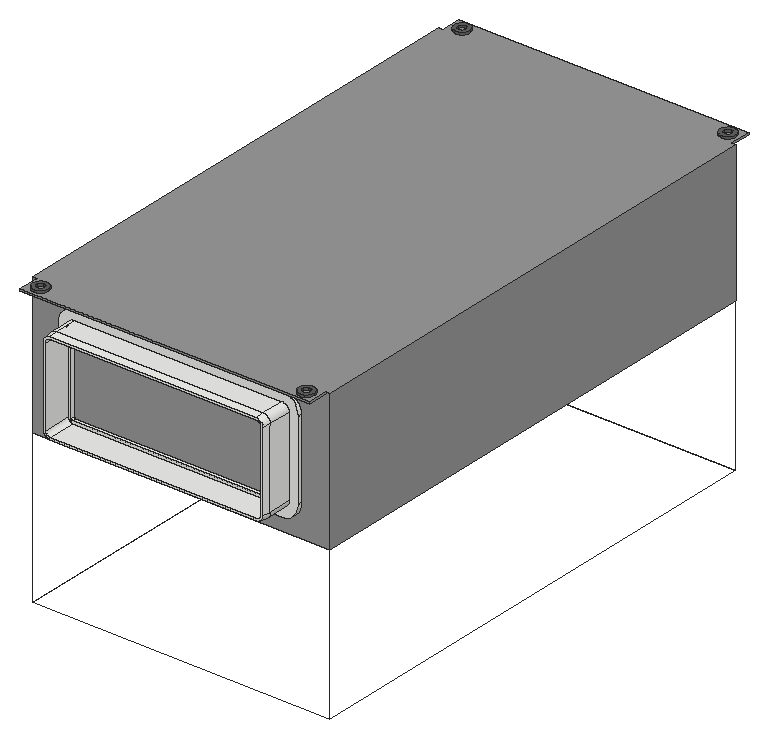
Revit family "IAQ-PURGE2", category Mechanical Equipment, Revit 2015
Parameters
  Width [instance] = 300 mm
  Weight = 7.00 kg
  Voltage = if(Electrical Phase = 3, 400 V, 230 V)  # 230 V
  Unit Description = "Inline Purge Fan with 3 speeds"
  Type Comments = "1"
  Supplier Part No = Nuaire Model No  # "IAQ-PURGE"
  Starting Current = 1.1 A
  Spigot Width = 220 mm
  Spigot Height = 90 mm
  Specific Fan Power at Design Duty [instance] = "0.0"
  Revit Family Last Revised = "26/02/19"
  Quote Reference [instance] = ""
  Project Reference [instance] = ""
  Pressure Drop [instance] = 0.0 Pa
  Order Reference [instance] = ""
  OmniClass Title = "Centrifugal Fans"
  OmniClass Number = "23-33 31 19 13"
  Number of Connection Poles = 2
  Nuaire Model No = "IAQ-PURGE"
  Manufacturer Name = "Nuaire"  # constant formula
  Location Reference [instance] = "l"
  Location [instance] = ""
  Length [instance] = 560 mm
  IFCExportAs = "IfcFanType"
  I&M Manual = "http://www.nuaire.info/iandm/671874.pdf"
  Height = 150 mm
  Full Load Current = 1.1 A
  Fan Unit = yes
  Extract Flow [instance] = 0.0 L/s
  Electrical Phase = 1
  Classification.Uniclass.Pr.Number = "Pr_65_67_29_12"
  Classification.Uniclass.Pr.Description = "Centrifugal fans"
  Catalogue Pages = ""
  Apparent Load = Full Load Current * Voltage  # 253 VA
  Show Access Clearance [instance] = yes
  Model Drawn by = "Michael Grote"  # constant formula
  Maximum Ambient Temperature = 40 °C
  URL = "http://www.nuaire.co.uk"
  Warranty Period = "5 Years"
  Weatherproof or Internal Only = "Internal"
  Manufacturer = Manufacturer Name  # "Nuaire"
  Description = Unit Description  # "Inline Purge Fan with 3 speeds"
  Address = "Western Industrial Estate, Caerphilly, UK"  # constant formula
  Postcode = "CF83 1NA"  # constant formula
  Telephone Number = "+44(0)2920-858-200"  # constant formula
  Fax Number = "+44(0)2920-858-222"  # constant formula
  Email Address = "info@nuaire.co.uk"  # constant formula
  VAT Registration Number = "877308"  # constant formula
  Model = Nuaire Model No  # "IAQ-PURGE"
Reference planes
  plane 1 "Center (Front/Back)": y = 0
  plane 2: z = 0
  plane 3 "Center (Left/Right)": x = 0
  plane 4: through (151.75, -1524, -30) normal (-0.9994, 0, 0.0349)
  plane 5: z = -71.6
Forms (mm)
  Extrusion 1, solid, material "Steel, Galvanized"
    sketch origin (0, 0, 0) x (1, 0, 0) y (0, 1, 0)
      loop
        line (-151.75, 259.325) -> (-151.75, -259.325) -> (151.75, -259.325) -> (151.75, 259.325) -> (-151.75, 259.325)
    from -144.4 to -1.6
  Extrusion 2, solid, material "Steel, Galvanized"
    sketch origin (0, 0, 0) x (0, 1, 0) y (0, 0, 1)
      loop
        line (-279.975, -1.6) -> (-279.975, -3.3) -> (-259.325, -3.3) -> (-259.325, -1.6) -> (-279.975, -1.6)
      loop
        line (279.975, -1.6) -> (259.325, -1.6) -> (259.325, -3.3) -> (279.975, -3.3) -> (279.975, -1.6)
    from -147.75 to 147.75
  Extrusion 3, solid, material "Black Plastic", detail levels medium+fine
    sketch origin (0, 0, 0) x (1, 0, 0) y (0, 1, 0)
      loop
        circle (-135.75, 269.125) r 4.05
      loop
        circle (-135.75, 269.125) r 8.05
      loop
        circle (135.75, 269.125) r 4.05
      loop
        circle (135.75, 269.125) r 8.05
      loop
        circle (-135.75, -269.125) r 4.05
      loop
        circle (-135.75, -269.125) r 8.05
      loop
        circle (135.75, -269.125) r 4.05
      loop
        circle (135.75, -269.125) r 8.05
    from 0 to -1.6
  Extrusion 4, solid, material "Steel, Galvanized", detail levels medium+fine
    sketch origin (0, 0, 0) x (1, 0, 0) y (0, 1, 0)
      loop
        line (110, 255.267) -> (-110, 255.267) -> (-110, 124.583) -> (110, 124.583) -> (110, 255.267)
      loop
        arc (-105, 115) -> (-112.071, 112.071) -> (-115, 105) r 10
        line (-115, 105) -> (-115, -105)
        arc (-115, -105) -> (-112.071, -112.071) -> (-105, -115) r 10
        line (-105, -115) -> (105, -115)
        arc (105, -115) -> (112.071, -112.071) -> (115, -105) r 10
        line (115, -105) -> (115, 105)
        arc (115, 105) -> (112.071, 112.071) -> (105, 115) r 10
        line (105, 115) -> (-105, 115)
    from -147.4 to -144.4
  Extrusion 5, solid, material "Access Clearance", visible <- "Show Access Clearance"
    sketch origin (0, 0, 0) x (1, 0, 0) y (0, 1, 0)
      loop
        line (-151.75, 259.325) -> (-151.75, -259.325) -> (151.75, -259.325) -> (151.75, 259.325) -> (-151.75, 259.325)
    from -300 to -144.4
Cuts and joins
  joined: Extrusion 1, Extrusion 2
Dimensions and locks
  aligned and locked: level to plane 2
Nested families
  nested 1: "spigot_220x90_db" at (0, -259.325, -71.6) x (-1, 0, 0) z (0, -1, 0), type "spigot_220x90_db"
  nested 2: "spigot_220x90_db" at (0, 259.325, -71.6) x (1, 0, 0) z (0, 1, 0), type "spigot_220x90_db"
Connectors
  hvac at (0, -266.325, -71.6), driven by "Spigot Height", driven by "Spigot Width", driven by "Extract Flow"
    settings: on nested 1, index 1, duct flow 0.0 L/s, flow factor 0, pres drop 0.0 Pa, loss coef 0, conn angle 0.00°, conn width 220 mm, conn height 90 mm, conn diameter 609.6 mm, duct sys type 3, conn prof type 1, flow config 1, flow direction 2, loss method 0, conn ref index -1, conn util no, is conn primary yes, conn desc "Discharge"
  hvac at (0, 266.325, -71.6), driven by "Spigot Height", driven by "Spigot Width", driven by "Extract Flow"
    settings: on nested 2, index 2, duct flow 0.0 L/s, flow factor 0, pres drop 0.0 Pa, loss coef 0, conn angle 0.00°, conn width 220 mm, conn height 90 mm, conn diameter 609.6 mm, duct sys type 3, conn prof type 1, flow config 0, flow direction 1, loss method 0, conn ref index -1, conn util no, is conn primary no, conn desc "Intake"
Definition of nested family "spigot_220x90_db"
  Parameters (values of type "spigot_220x90_db")
    Default Elevation = 1219.2 mm
  Reference planes
    plane 1 "Center (Front/Back)": y = 0
    plane 2: z = 0
    plane 3 "Center (Left/Right)": x = 0
  Forms (mm)
    Extrusion 1, solid
      sketch origin (0, 0, 0) x (1, 0, 0) y (0, 1, 0)
        loop
          line (-1219.2, 1219.2) -> (-1219.2, -1219.2) -> (1219.2, -1219.2) -> (1219.2, 1219.2) -> (-1219.2, 1219.2)
      from 0 to -304.8
    Sweep 2, solid, detail levels medium+fine
      path origin (0, 0, 0) x (1, 0, 0) y (0, 1, 0)
        loop
          arc (-105.5, 57.5) -> (-117.521, 52.521) -> (-122.5, 40.5) r 17
          line (-122.5, 40.5) -> (-122.5, -40.5)
          arc (-122.5, -40.5) -> (-117.521, -52.521) -> (-105.5, -57.5) r 17
          line (-105.5, -57.5) -> (105.5, -57.5)
          arc (105.5, -57.5) -> (117.521, -52.521) -> (122.5, -40.5) r 17
          line (122.5, -40.5) -> (122.5, 40.5)
          arc (122.5, 40.5) -> (117.521, 52.521) -> (105.5, 57.5) r 17
          line (105.5, 57.5) -> (-105.5, 57.5)
      profile origin (0, 57.5, 0) x (0, 1, 0) y (0, 0, 1)
        loop
          line (-9.5, 27.5) -> (-10.624, 35.5) -> (-12.5, 35.5) -> (-12.5, 7) -> (-15.65, 7) -> (-15.65, 3.5) -> (-12.5, 3.5) -> (-12.5, 0) -> (0, 0) -> (0, 3.5) -> (-9.5, 3.5) -> (-9.5, 27.5)
    Extrusion 3, solid, detail levels coarse
      sketch origin (0, 0, 0) x (1, 0, 0) y (0, 1, 0)
        loop
          line (-113, 48) -> (-113, -48) -> (113, -48) -> (113, 48) -> (-113, 48)
      from 0 to 35.5
  Dimensions and locks
    aligned and locked: plane 2 to Extrusion 1
    aligned and locked: level to Extrusion 1
